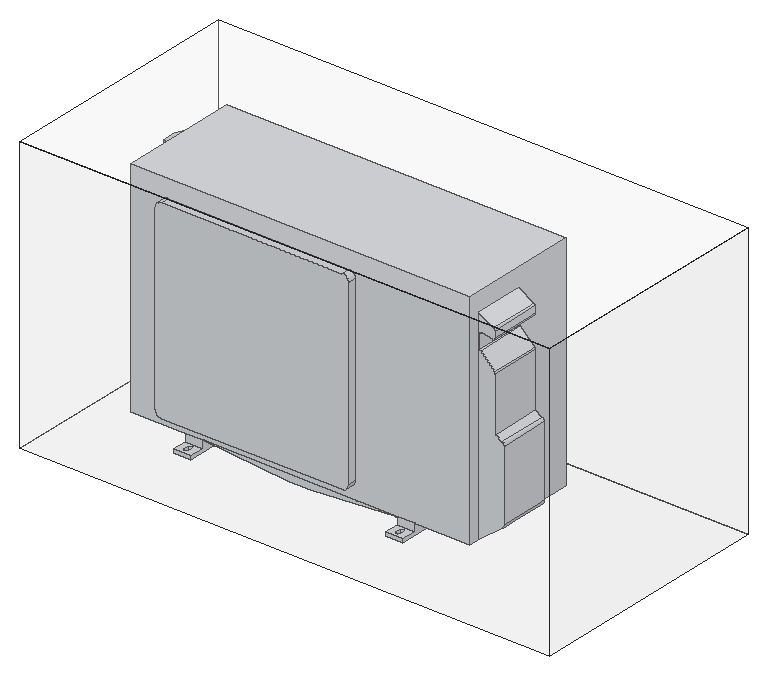
Revit family "mucz-g22_5624_50hz", category 機械設備, Revit 2019 (continued)
Definition of nested family "MUCZ-G40_56*S"
  Automatic sketch dimensions
    curve 389 to curve 398 = 0 mm
    curve 241 to curve 232 = 0 mm
    curve 249 to curve 241 = 0 mm
    curve 381 to curve 390 = 0 mm
    curve 257 to curve 248 = 0 mm
    curve 265 to curve 257 = 0 mm
    curve 369 to curve 382 = 0 mm
    curve 273 to curve 264 = 0 mm
    curve 365 to curve 370 = 0 mm
    curve 281 to curve 272 = 0 mm
    curve 289 to curve 280 = 0 mm
    curve 353 to curve 366 = 0 mm
    curve 297 to curve 289 = 0 mm
    curve 345 to curve 354 = 0 mm
    curve 305 to curve 296 = 0 mm
    curve 337 to curve 346 = 0 mm
    curve 313 to curve 304 = 0 mm
    curve 321 to curve 312 = 0 mm
    curve 329 to curve 321 = 0 mm
    curve 329 to curve 328 = 6 mm
    curve 322 to curve 323 = 6 mm
    curve 330 to curve 328 = 0 mm
    curve 320 to curve 322 = 0 mm
    curve 313 to curve 315 = 6 mm
    curve 337 to curve 335 = 6 mm
    curve 338 to curve 336 = 0 mm
    curve 312 to curve 314 = 0 mm
    curve 306 to curve 307 = 6 mm
    curve 345 to curve 343 = 6 mm
    curve 304 to curve 306 = 0 mm
    curve 297 to curve 299 = 6 mm
    curve 346 to curve 344 = 0 mm
    curve 353 to curve 351 = 6 mm
    curve 296 to curve 298 = 0 mm
    curve 290 to curve 291 = 6 mm
    curve 354 to curve 352 = 0 mm
    curve 288 to curve 290 = 0 mm
    curve 281 to curve 283 = 6 mm
    curve 359 to curve 351 = 0 mm  (x2)
    curve 365 to curve 363 = 6 mm
    curve 280 to curve 282 = 0 mm
    curve 273 to curve 275 = 6 mm
    curve 369 to curve 367 = 6 mm
    curve 272 to curve 274 = 0 mm
    curve 265 to curve 267 = 6 mm
    curve 370 to curve 368 = 0 mm
    curve 264 to curve 266 = 0 mm
    curve 258 to curve 259 = 6 mm
    curve 375 to curve 368 = 0 mm
    curve 381 to curve 379 = 6 mm
    curve 256 to curve 258 = 0 mm
    curve 249 to curve 251 = 6 mm
    curve 383 to curve 379 = 0 mm
    curve 248 to curve 250 = 0 mm
    curve 241 to curve 243 = 6 mm
    curve 389 to curve 387 = 6 mm
    curve 240 to curve 242 = 0 mm
    curve 233 to curve 235 = 6 mm
    curve 391 to curve 387 = 0 mm
    curve 397 to curve 395 = 6 mm
    curve 232 to curve 234 = 0 mm
    curve 229 to curve 230 = 6 mm
    curve 228 to curve 230 = 0 mm
    curve 310 to plane 1 "中心(正面/背面)" = 8.541 mm
    curve 224 to plane 1 "中心(正面/背面)" = 8.541 mm
    curve 226 to curve 224 = 0 mm
    curve 308 to curve 310 = 0 mm
    curve 311 to plane 1 "中心(正面/背面)" = 8.541 mm
    curve 395 to plane 1 "中心(正面/背面)" = 8.541 mm
    curve 339 to plane 1 "中心(正面/背面)" = 8.541 mm
    curve 302 to plane 1 "中心(正面/背面)" = 8.541 mm
    curve 342 to curve 340 = 0 mm
    curve 300 to curve 302 = 0 mm
    curve 343 to plane 1 "中心(正面/背面)" = 8.541 mm
    curve 392 to curve 394 = 0 mm
    curve 315 to curve 303 = 0 mm
    curve 231 to plane 1 "中心(正面/背面)" = 8.541 mm
    curve 235 to curve 226 = 0 mm
    curve 294 to plane 1 "中心(正面/背面)" = 8.541 mm
    curve 387 to curve 391 = 0 mm
    curve 347 to curve 342 = 0 mm
    curve 384 to curve 386 = 0 mm
    curve 292 to curve 294 = 0 mm
    curve 239 to plane 1 "中心(正面/背面)" = 8.541 mm
    curve 286 to plane 1 "中心(正面/背面)" = 8.541 mm
    curve 243 to curve 238 = 0 mm
    curve 284 to curve 286 = 0 mm
    curve 319 to plane 1 "中心(正面/背面)" = 8.541 mm
    curve 379 to curve 384 = 0 mm
    curve 278 to plane 1 "中心(正面/背面)" = 8.541 mm
    curve 351 to plane 1 "中心(正面/背面)" = 8.541 mm
    curve 276 to curve 278 = 0 mm
    curve 247 to plane 1 "中心(正面/背面)" = 8.541 mm
    curve 334 to plane 1 "中心(正面/背面)" = 8.541 mm
    curve 332 to curve 334 = 0 mm
    curve 376 to curve 378 = 0 mm
    curve 270 to plane 1 "中心(正面/背面)" = 8.541 mm
    curve 251 to curve 239 = 0 mm
    curve 268 to curve 270 = 0 mm
    curve 323 to curve 318 = 0 mm
    curve 374 to plane 1 "中心(正面/背面)" = 8.541 mm
    curve 355 to curve 350 = 0 mm
    curve 372 to curve 374 = 0 mm
    curve 255 to curve 268 = 0 mm
    curve 363 to curve 371 = 0 mm
    curve 259 to curve 247 = 0 mm
    curve 260 to curve 261 = 6 mm
    curve 360 to curve 361 = 6 mm
    curve 326 to curve 325 = 6 mm
    curve 358 to curve 357 = 6 mm
    curve 372 to curve 373 = 6 mm
    curve 254 to curve 253 = 6 mm
    curve 268 to curve 269 = 6 mm
    curve 376 to curve 377 = 6 mm
    curve 332 to curve 333 = 6 mm
    curve 276 to curve 277 = 6 mm
    curve 246 to curve 245 = 6 mm
    curve 284 to curve 285 = 6 mm
    curve 292 to curve 293 = 6 mm
    curve 350 to curve 349 = 6 mm
    curve 384 to curve 385 = 6 mm
    curve 238 to curve 237 = 6 mm
    curve 318 to curve 317 = 6 mm
    curve 392 to curve 393 = 6 mm
    curve 342 to curve 341 = 6 mm
    curve 300 to curve 301 = 6 mm
    curve 226 to curve 225 = 6 mm
    curve 308 to curve 309 = 6 mm
    curve 393 to curve 49 = 10 mm
    curve 225 to curve 221 = 10 mm
    curve 357 to curve 93 = 10 mm
    curve 316 to curve 133 = 10 mm
    curve 309 to curve 141 = 10 mm
    curve 302 to curve 149 = 10 mm
    curve 373 to curve 77 = 10 mm
    curve 293 to curve 157 = 10 mm
    curve 237 to curve 213 = 10 mm
    curve 349 to curve 101 = 10 mm
    curve 386 to curve 57 = 10 mm
    curve 325 to curve 125 = 10 mm
    curve 361 to curve 85 = 10 mm
    curve 245 to curve 205 = 10 mm
    curve 285 to curve 165 = 10 mm
    curve 377 to curve 69 = 10 mm
    curve 341 to curve 109 = 10 mm
    curve 277 to curve 173 = 10 mm
    curve 253 to curve 197 = 10 mm
    curve 269 to curve 181 = 10 mm
    curve 261 to curve 189 = 10 mm
    curve 333 to curve 117 = 10 mm
    curve 117 to curve 116 = 6 mm
    curve 189 to curve 190 = 6 mm
    curve 118 to curve 116 = 0 mm
    curve 188 to curve 190 = 0 mm
    curve 70 to curve 63 = 6 mm
    curve 181 to curve 182 = 6 mm
    curve 198 to curve 191 = 6 mm
    curve 195 to curve 183 = 0 mm
    curve 180 to curve 182 = 0 mm
    curve 57 to curve 59 = 6 mm
    curve 173 to curve 174 = 6 mm
    curve 125 to curve 119 = 6 mm
    curve 86 to curve 79 = 6 mm
    curve 172 to curve 174 = 0 mm
    curve 205 to curve 199 = 6 mm
    curve 109 to curve 110 = 6 mm
    curve 67 to curve 58 = 0 mm
    curve 108 to curve 110 = 0 mm
    curve 85 to curve 83 = 6 mm
    curve 165 to curve 166 = 6 mm
    curve 203 to curve 191 = 0 mm
    curve 164 to curve 166 = 0 mm
    curve 123 to curve 118 = 0 mm
    curve 56 to curve 58 = 0 mm
    curve 214 to curve 207 = 6 mm
    curve 71 to curve 83 = 0 mm
    curve 101 to curve 102 = 6 mm
    curve 211 to curve 199 = 0 mm
    curve 100 to curve 102 = 0 mm
    curve 157 to curve 158 = 6 mm
    curve 133 to curve 127 = 6 mm
    curve 156 to curve 158 = 0 mm
    curve 149 to curve 150 = 6 mm
    curve 76 to curve 78 = 0 mm
    curve 148 to curve 150 = 0 mm
    curve 51 to curve 55 = 0 mm
    curve 87 to curve 100 = 0 mm
    curve 131 to curve 126 = 0 mm
    curve 141 to curve 142 = 6 mm
    curve 140 to curve 142 = 0 mm
    curve 222 to curve 215 = 6 mm
    curve 219 to curve 207 = 0 mm
    curve 92 to curve 94 = 0 mm
    curve 48 to curve 50 = 0 mm
    plane 7 to curve 91 = 31.959 mm
    plane 7 to curve 135 = 31.959 mm
    curve 138 to curve 136 = 0 mm
    curve 88 to curve 90 = 0 mm
    curve 95 to curve 88 = 0 mm
    curve 143 to curve 136 = 0 mm
    curve 98 to curve 96 = 0 mm
    curve 103 to curve 95 = 0 mm
    curve 146 to curve 144 = 0 mm
    curve 106 to curve 104 = 0 mm
    curve 83 to curve 90 = 0 mm
    curve 111 to curve 104 = 0 mm
    plane 7 to curve 51 = 31.959 mm
    curve 114 to curve 112 = 0 mm
    curve 54 to curve 52 = 0 mm
    curve 151 to curve 144 = 0 mm
    curve 154 to curve 152 = 0 mm
    curve 80 to curve 82 = 0 mm
    curve 119 to curve 112 = 0 mm
    curve 122 to curve 120 = 0 mm
    curve 55 to curve 51 = 0 mm
    curve 127 to curve 138 = 0 mm
    curve 159 to curve 152 = 0 mm
    curve 130 to curve 128 = 0 mm
    curve 162 to curve 160 = 0 mm
    curve 75 to curve 83 = 0 mm
    plane 7 to curve 219 = 31.959 mm
    curve 167 to curve 159 = 0 mm
    curve 216 to curve 218 = 0 mm
    curve 170 to curve 168 = 0 mm
    curve 72 to curve 74 = 0 mm
    curve 211 to curve 219 = 0 mm
    curve 175 to curve 168 = 0 mm
    curve 178 to curve 176 = 0 mm
    curve 208 to curve 210 = 0 mm
    curve 203 to curve 211 = 0 mm
    curve 59 to curve 62 = 0 mm
    curve 200 to curve 202 = 0 mm
    curve 67 to curve 59 = 0 mm
    curve 195 to curve 202 = 0 mm
    curve 183 to curve 194 = 0 mm
    curve 192 to curve 194 = 0 mm
    curve 187 to curve 176 = 0 mm
    curve 63 to curve 74 = 0 mm
    curve 66 to curve 65 = 6 mm
    curve 184 to curve 185 = 6 mm
    curve 192 to curve 193 = 6 mm
    curve 62 to curve 61 = 6 mm
    curve 200 to curve 201 = 6 mm
    curve 178 to curve 177 = 6 mm
    curve 208 to curve 209 = 6 mm
    curve 72 to curve 73 = 6 mm
    curve 170 to curve 169 = 6 mm
    curve 216 to curve 217 = 6 mm
    curve 162 to curve 161 = 6 mm
    curve 130 to curve 129 = 6 mm
    curve 122 to curve 121 = 6 mm
    curve 154 to curve 153 = 6 mm
    curve 80 to curve 81 = 6 mm
    curve 54 to curve 53 = 6 mm
    curve 114 to curve 113 = 6 mm
    curve 106 to curve 105 = 6 mm
    curve 146 to curve 145 = 6 mm
    curve 98 to curve 97 = 6 mm
    curve 138 to curve 137 = 6 mm
    curve 88 to curve 89 = 6 mm
    level to curve 223 = 54 mm
    level to curve 215 = 54 mm
    curve 229 to curve 229 = 3 mm
    curve 221 to curve 221 = 3 mm
    curve 219 to curve 207 = 6 mm
    curve 226 to curve 235 = 6 mm
    curve 236 to curve 237 = 3 mm
    curve 209 to curve 209 = 3 mm
    curve 231 to curve 243 = 6 mm
    curve 211 to curve 199 = 6 mm
    curve 200 to curve 201 = 3 mm
    curve 244 to curve 245 = 3 mm
    curve 239 to curve 251 = 6 mm
    curve 202 to curve 191 = 6 mm
    curve 198 to curve 196 = 3 mm
    curve 252 to curve 254 = 3 mm
    curve 194 to curve 183 = 6 mm
    curve 247 to curve 259 = 6 mm
    curve 257 to curve 257 = 3 mm
    curve 190 to curve 188 = 3 mm
    curve 255 to curve 267 = 6 mm
    curve 186 to curve 175 = 6 mm
    curve 265 to curve 265 = 3 mm
    curve 176 to curve 178 = 3 mm
    curve 270 to curve 275 = 6 mm
    curve 179 to curve 167 = 6 mm
    curve 168 to curve 169 = 3 mm
    curve 276 to curve 278 = 3 mm
    curve 170 to curve 159 = 6 mm
    curve 278 to curve 283 = 6 mm
    curve 281 to curve 281 = 3 mm
    curve 165 to curve 165 = 3 mm
    curve 162 to curve 151 = 6 mm
    curve 280 to curve 291 = 6 mm
    curve 158 to curve 156 = 3 mm
    curve 289 to curve 289 = 3 mm
    curve 156 to curve 143 = 6 mm
    curve 287 to curve 299 = 6 mm
    curve 150 to curve 148 = 3 mm
    curve 297 to curve 297 = 3 mm
    curve 302 to curve 307 = 6 mm
    curve 147 to curve 135 = 6 mm
    curve 305 to curve 305 = 3 mm
    curve 141 to curve 141 = 3 mm
    curve 138 to curve 127 = 6 mm
    curve 304 to curve 315 = 6 mm
    curve 314 to curve 313 = 3 mm
    curve 129 to curve 129 = 3 mm
    curve 312 to curve 323 = 6 mm
    curve 130 to curve 119 = 6 mm
    curve 120 to curve 122 = 3 mm
    curve 322 to curve 320 = 3 mm
    curve 124 to curve 111 = 6 mm
    curve 319 to curve 331 = 6 mm
    curve 329 to curve 329 = 3 mm
    curve 113 to curve 113 = 3 mm
    curve 115 to curve 103 = 6 mm
    curve 328 to curve 339 = 6 mm
    curve 104 to curve 105 = 3 mm
    curve 340 to curve 341 = 3 mm
    curve 342 to curve 347 = 6 mm
    curve 106 to curve 95 = 6 mm
    curve 96 to curve 97 = 3 mm
    curve 346 to curve 344 = 3 mm
    curve 350 to curve 355 = 6 mm
    curve 98 to curve 87 = 6 mm
    curve 94 to curve 92 = 3 mm
    curve 357 to curve 357 = 3 mm
    curve 90 to curve 79 = 6 mm
    curve 351 to curve 359 = 6 mm
    curve 85 to curve 85 = 3 mm
    curve 366 to curve 364 = 3 mm
    curve 83 to curve 71 = 6 mm
    curve 364 to curve 371 = 6 mm
    curve 77 to curve 77 = 3 mm
    curve 372 to curve 373 = 3 mm
    curve 75 to curve 63 = 6 mm
    curve 368 to curve 375 = 6 mm
    curve 69 to curve 69 = 3 mm
    curve 376 to curve 378 = 3 mm
    curve 378 to curve 383 = 6 mm
    curve 66 to curve 59 = 6 mm
    curve 58 to curve 56 = 3 mm
    curve 389 to curve 389 = 3 mm
    curve 55 to curve 51 = 6 mm
    curve 387 to curve 391 = 6 mm
    curve 50 to curve 48 = 3 mm
    curve 397 to curve 397 = 3 mm
    plane 10 to Extrusion 5 sketch curve = 0 mm  (x2)
    Extrusion 5 sketch curve to plane 8 = 0.041 mm  (x2)
    Extrusion 5 sketch curve to plane 6 = 129.999 mm
    Extrusion 5 sketch curve to plane 7 = 0.041 mm
    Extrusion 5 sketch curve to plane 6 = 130 mm
    plane 12 to Extrusion 5 sketch curve = 5.5 mm
    Extrusion 5 sketch curve to Extrusion 5 sketch curve = 15 mm  (x6)
    Extrusion 5 sketch curve to Extrusion 5 sketch curve = 5 mm  (x2)
    Extrusion 5 sketch curve to plane 11 = 0.5 mm  (x2)
    plane 9 to Extrusion 5 sketch curve = 20.001 mm  (x2)
    plane 10 to Extrusion 5 sketch curve = 0.017 mm  (x2)
    plane 9 to Extrusion 5 sketch curve = 5.099 mm
    plane 9 to Extrusion 5 sketch curve = 5.001 mm
    plane 9 to Extrusion 5 sketch curve = 0.05 mm
    plane 9 to Extrusion 5 sketch curve = 0.001 mm
    Extrusion 5 sketch curve to plane 7 = 0.023 mm
    Extrusion 5 sketch curve to plane 7 = 7.541 mm  (x2)
    Extrusion 5 sketch curve to plane 12 = 5.5 mm
    Extrusion 5 sketch curve to plane 12 = 5.444 mm
    plane 12 to Extrusion 5 sketch curve = 5.457 mm
    plane 5 to Extrusion 6 sketch curve = 74.5 mm
    Extrusion 6 sketch curve to Extrusion 6 sketch curve = 15 mm  (x3)
    plane 3 "中心(左/右)" to Extrusion 6 sketch curve = 115.5 mm  (x2)
    level to Extrusion 6 sketch curve = 52 mm
    Extrusion 6 sketch curve to plane 4 "TOP" = 57 mm
    curve 5 to Extrusion 6 = 0.044 mm
    Extrusion 6 to curve 26 = 0 mm  (x2)
    curve 8 to Extrusion 6 = 0.044 mm
    curve 6 to Extrusion 6 = 0.044 mm
    curve 7 to Extrusion 6 = 0.044 mm
    curve 399 to Extrusion 6 = 0.044 mm
    curve 9 to Extrusion 6 = 3 mm  (x2)
    curve 9 to Extrusion 6 = 6.044 mm
    Extrusion 6 to curve 10 = 0 mm  (x2)
    curve 9 to curve 10 = 12 mm
    Extrusion 6 to curve 11 = 0 mm  (x2)
    curve 10 to curve 11 = 12 mm
    Extrusion 6 to curve 12 = 0 mm  (x2)
    curve 11 to curve 12 = 12 mm
    Extrusion 6 to curve 13 = 0 mm  (x2)
    curve 12 to curve 13 = 12 mm
    Extrusion 6 to curve 14 = 0 mm  (x2)
    curve 13 to curve 14 = 12 mm
    Extrusion 6 to curve 15 = 0 mm  (x2)
    curve 14 to curve 15 = 11.893 mm
    Extrusion 6 to curve 16 = 0 mm  (x2)
    curve 15 to curve 16 = 12.107 mm
    Extrusion 6 to curve 17 = 0 mm  (x2)
    curve 16 to curve 17 = 12 mm
    Extrusion 6 to curve 18 = 0 mm  (x2)
    curve 17 to curve 18 = 12 mm
    Extrusion 6 to curve 19 = 0 mm  (x2)
    curve 18 to curve 19 = 12 mm
    Extrusion 6 to curve 20 = 0 mm  (x2)
    curve 19 to curve 20 = 12 mm
    Extrusion 6 to curve 21 = 0 mm  (x2)
    curve 20 to curve 21 = 12 mm
    Extrusion 6 to curve 22 = 0 mm  (x2)
    curve 21 to curve 22 = 11.893 mm
    Extrusion 6 to curve 23 = 0 mm  (x2)
    curve 22 to curve 23 = 12.107 mm
    Extrusion 6 to curve 24 = 0 mm  (x2)
    curve 23 to curve 24 = 12 mm
    Extrusion 6 to curve 25 = 0 mm  (x2)
    curve 24 to curve 25 = 12 mm
    curve 25 to curve 26 = 12 mm
    Extrusion 6 to curve 27 = 0 mm  (x2)
    curve 26 to curve 27 = 12 mm
    Extrusion 6 to curve 28 = 0 mm  (x2)
    curve 27 to curve 28 = 12 mm
    Extrusion 6 to curve 29 = 0 mm  (x2)
    curve 28 to curve 29 = 11.893 mm
    Extrusion 6 to curve 30 = 0 mm  (x2)
    curve 29 to curve 30 = 12.107 mm
    Extrusion 6 to curve 31 = 0 mm  (x2)
    curve 30 to curve 31 = 12 mm
    Extrusion 6 to curve 32 = 0 mm  (x2)
    curve 31 to curve 32 = 12 mm
    Extrusion 6 to curve 33 = 0 mm  (x2)
    curve 32 to curve 33 = 12 mm
    Extrusion 6 to curve 34 = 0 mm  (x2)
    curve 33 to curve 34 = 12 mm
    Extrusion 6 to curve 35 = 0 mm  (x2)
    curve 34 to curve 35 = 12 mm
    Extrusion 6 to curve 36 = 0 mm  (x2)
    curve 35 to curve 36 = 11.893 mm
    Extrusion 6 to curve 37 = 0 mm  (x2)
    curve 36 to curve 37 = 12.107 mm
    Extrusion 6 to curve 38 = 0 mm  (x2)
    curve 37 to curve 38 = 12 mm
    Extrusion 6 to curve 39 = 0 mm  (x2)
    curve 38 to curve 39 = 12 mm
    Extrusion 6 to curve 40 = 0 mm  (x2)
    curve 39 to curve 40 = 12 mm
    Extrusion 6 to curve 41 = 0 mm  (x2)
    curve 40 to curve 41 = 12 mm
    Extrusion 6 to curve 42 = 0 mm  (x2)
    curve 41 to curve 42 = 11.893 mm
    Extrusion 6 to curve 43 = 0 mm  (x2)
    curve 42 to curve 43 = 12.107 mm
    Extrusion 6 to curve 44 = 0 mm  (x2)
    curve 43 to curve 44 = 12 mm
    Extrusion 6 to curve 45 = 0 mm  (x2)
    curve 44 to curve 45 = 12 mm
    curve 46 to Extrusion 6 = 5.956 mm
    Extrusion 6 to curve 7 = 0.044 mm
    Extrusion 6 to curve 6 = 0.044 mm
    Extrusion 6 to curve 8 = 0.044 mm
    Extrusion 6 to curve 399 = 0.044 mm
    Extrusion 6 to curve 5 = 0.044 mm
    curve 46 to Extrusion 6 = 3 mm  (x2)
    curve 46 to curve 399 = 15 mm
    curve 399 to curve 8 = 94 mm
    curve 8 to curve 7 = 94 mm
    curve 7 to curve 6 = 94 mm
    curve 5 to Extrusion 6 = 62 mm
    plane 8 to Masking region 1 sketch curve = 0 mm
    Masking region 1 sketch curve to plane 5 = 0 mm
    plane 5 to Extrusion 7 sketch curve = 40 mm
    Extrusion 7 sketch curve to plane 6 = 80 mm
    Extrusion 7 sketch curve to plane 4 "TOP" = 25 mm
    level to Extrusion 7 sketch curve = 45 mm
    level to Extrusion 7 sketch curve = 26 mm
    Extrusion 6 to Extrusion 8 sketch curve = 26 mm
    Extrusion 8 sketch curve to Extrusion 6 = 95.5 mm
    Extrusion 6 to Extrusion 8 sketch curve = 42 mm
    Extrusion 8 sketch curve to Extrusion 6 = 155.531 mm
    Extrusion 8 sketch curve to Extrusion 8 sketch curve = 50 mm
    Extrusion 6 to Extrusion 8 sketch curve = 99.5 mm
    Extrusion 9 sketch curve to plane 3 "中心(左/右)" = 0 mm
    plane 7 to Extrusion 9 sketch curve = 43.959 mm
    Extrusion 10 sketch curve to Extrusion 6 = 0 mm
    Extrusion 6 to Extrusion 10 sketch curve = 7 mm
    Extrusion 6 to Extrusion 10 sketch curve = 34.5 mm
    Extrusion 6 to Extrusion 10 sketch curve = 24.5 mm
    Extrusion 10 sketch curve to Extrusion 10 sketch curve = 10 mm  (x2)
    Extrusion 10 sketch curve to Extrusion 10 sketch curve = 0 mm  (x4)
    Extrusion 10 sketch curve to Extrusion 6 = 45.532 mm  (x2)
    Extrusion 6 to Extrusion 10 sketch curve = 8 mm
    Extrusion 10 sketch curve to Extrusion 6 = 106 mm
    Extrusion 10 sketch curve to Extrusion 10 sketch curve = 14 mm  (x2)
    Extrusion 10 sketch curve to Extrusion 10 sketch curve = 106 mm  (x2)
    Extrusion 10 sketch curve to Extrusion 10 sketch curve = 12 mm
    Extrusion 10 sketch curve to Extrusion 10 sketch curve = 9 mm
    plane 1 "中心(正面/背面)" to Sweep 11 sketch curve = 27.959 mm
    level to Sweep 11 sketch curve = 164.5 mm
    plane 1 "中心(正面/背面)" to Sweep 11 sketch curve = 5.924 mm
    Sweep 11 sketch curve to Sweep 11 sketch curve = 15.429 mm
    Sweep 11 sketch curve to profile plane = 0 mm  (x2)
    plane 1 "中心(正面/背面)" to Sweep 12 sketch curve = 27.959 mm
    level to Sweep 12 sketch curve = 99.5 mm
    plane 1 "中心(正面/背面)" to Sweep 12 sketch curve = 8.213 mm
    Sweep 12 sketch curve to Sweep 12 sketch curve = 18.414 mm
    Sweep 12 sketch curve to profile plane = 0 mm  (x2)
    plane 7 to curve 2 = 0 mm
    plane 8 to curve 3 = 0 mm
    Masking region 1 sketch curve to plane 6 = 0 mm
    radius of Extrusion 9 sketch curve = 21 mm
    radius of Sweep 11 sketch curve = 6.35 mm
    radius of Sweep 12 sketch curve = 9.52 mm
  Nested families
    nested 1: "固定点" at (-250, -159.959, 0), type "固定点", detail levels fine
      with D 310 mm
  Definition of nested family "固定点"
    Parameters (values of type "固定点")
      中心円 = if(W > 599 mm, 12 mm, 10 mm)  # 10 mm
      W = 500 mm
      D = 300 mm
    Reference planes
      plane 1 "中心(正面/背面)": y = 0
      plane 2: z = 0
      plane 3 "中心(左/右)": x = 0
      plane 4: x = 500
      plane 5: y = 300
    Lines and regions (mm)
      symbolic lines, detail levels fine
        curve 1: circle (0, 300, 0) r 5 normal (0, 0, 1)
        curve 2: circle (0, 0, 0) r 5 normal (0, 0, 1)
        curve 3: circle (500, 300, 0) r 5 normal (0, 0, 1)
        curve 4: circle (500, 0, 0) r 5 normal (0, 0, 1)
        curve 5: line (-200, 300, 0) -> (700, 300, 0)
        curve 6: line (-200, 0, 0) -> (700, 0, 0)
        curve 7: line (0, 500, 0) -> (0, -200, 0)
        curve 8: line (500, 500, 0) -> (500, -200, 0)
    Dimensions and locks
      "W": plane 3 "中心(左/右)" to plane 4
      "D": plane 1 "中心(正面/背面)" to plane 5
      "中心円": diameter of curve 1
      "中心円": diameter of curve 2
      "中心円": diameter of curve 3
      "中心円": diameter of curve 4
      aligned and locked: level to plane 2
      aligned and locked: plane 5 to curve 1
      aligned and locked: plane 3 "中心(左/右)" to curve 1
      aligned and locked: plane 3 "中心(左/右)" to curve 2
      aligned and locked: plane 1 "中心(正面/背面)" to curve 2
      aligned and locked: plane 4 to curve 3
      aligned and locked: plane 5 to curve 3
      aligned and locked: plane 1 "中心(正面/背面)" to curve 4
      aligned and locked: plane 4 to curve 4
      aligned and locked: plane 1 "中心(正面/背面)" to curve 6
      aligned and locked: curve 7 to plane 3 "中心(左/右)"
      aligned and locked: curve 8 to plane 4
    Automatic sketch dimensions
      curve 5 to plane 5 = 0 mm
      curve 6 to plane 3 "中心(左/右)" = 200 mm
      curve 5 to plane 3 "中心(左/右)" = 200 mm
      curve 4 to curve 6 = 200 mm
      curve 3 to curve 5 = 200 mm
      plane 1 "中心(正面/背面)" to curve 8 = 200 mm
      plane 1 "中心(正面/背面)" to curve 7 = 200 mm
      curve 3 to curve 8 = 200 mm
      curve 1 to curve 7 = 200 mm
Types (19, lengths in mm): name | 風量 | 音響パワーレベル(dB) | 電圧 | 電動機出力_送風機 | 電動機出力_圧縮機 | 運転音(強暖房)  db | 運転音(強冷房)  db | 質量 | 製品質量 | 暖房能力 | 暖房 風量 | 形名 | 冷房 風量 | 冷媒　位置Z | 冷媒　位置Y | 冷媒　位置X | 冷房能力 | モデル | ドレン穴径 | ドレン　位置Z | ドレン　位置Y | Width | MAX風量 | Height | Depth | Clearance Front | COP_暖房 | COP_冷房 | COP
  (no name) | 2280.0 m³/h | 64 | 200 V | 50 W | 1100 W | 64 | 61 | 33.60 kg | 28.00 kg | 5 kW | 2280.0 m³/h | MUCZ-G40_56*S : MUCZ-G40_56*S | 2280.0 m³/h | 132.5 | 171 | 429 | 4 kW | "MUCZ-G4024S" | 42.00 | 45 | 44 | 800 | 2280.0 m³/h | 550 | 285 | 200 | 3.38 | 2.41 | 2.895
  室外機_MUCZ-G2224 | 1370.0 m³/h | 59 | 100 V | 22 W | 600 W | 59 | 59 | 22.80 kg | 19.00 kg | 2.2 kW | 1265.0 m³/h | MUCZ-G22* : MUCZ-G22* | 1370.0 m³/h | 128.5 | 136 | 361.5 | 2.2 kW | "MUCZ-G2224" | 42.00 | 23.5 | 44 | 679 | 1370.0 m³/h | 453 | 249 | 100 | 4.68 | 3.36 | 4.02
  室外機_MUCZ-G2524 | 1690.0 m³/h | 61 | 100 V | 22 W | 650 W | 60 | 61 | 22.80 kg | 19.00 kg | 2.8 kW | 1490.0 m³/h | MUCZ-G25_28* : MUCZ-G25_28* | 1690.0 m³/h | 128.5 | 136 | 361.5 | 2.5 kW | "MUCZ-G2524" | 42.00 | 23.5 | 44 | 679 | 1690.0 m³/h | 453 | 249 | 100 | 4.48 | 3.36 | 3.92
  室外機_MUCZ-G2824 | 1710.0 m³/h | 65 | 100 V | 22 W | 750 W | 65 | 62 | 24.00 kg | 20.00 kg | 3.6 kW | 1600.0 m³/h | MUCZ-G25_28* : MUCZ-G25_28* | 1710.0 m³/h | 128.5 | 136 | 361.5 | 2.8 kW | "MUCZ-G2824" | 42.00 | 23.5 | 44 | 679 | 1710.0 m³/h | 453 | 249 | 100 | 3.96 | 3.5 | 3.73
  室外機_MUCZ-G3624 | 2110.0 m³/h | 64 | 100 V | 22 W | 950 W | 64 | 61 | 27.60 kg | 23.00 kg | 4.2 kW | 2015.0 m³/h | MUCZ-G36* : MUCZ-G36* | 2110.0 m³/h | 130.5 | 121 | 371.5 | 3.6 kW | "MUCZ-G3624" | 33.00 | 23.5 | 42 | 699 | 2110.0 m³/h | 538 | 249 | 100 | 3.46 | 2.54 | 3
  室外機_MUCZ-G4024S | 2280.0 m³/h | 64 | 200 V | 50 W | 1100 W | 64 | 61 | 33.60 kg | 28.00 kg | 5 kW | 2280.0 m³/h | MUCZ-G40_56*S : MUCZ-G40_56*S | 2280.0 m³/h | 132.5 | 171 | 429 | 4 kW | "MUCZ-G4024S" | 42.00 | 45 | 44 | 800 | 2280.0 m³/h | 550 | 285 | 200 | 3.38 | 2.41 | 2.895
  室外機_MUCZ-G5624S | 2040.0 m³/h | 68 | 200 V | 50 W | 1500 W | 68 | 65 | 40.80 kg | 34.00 kg | 6.7 kW | 2135.0 m³/h | MUCZ-G40_56*S : MUCZ-G40_56*S | 2040.0 m³/h | 132.5 | 171 | 429 | 5.6 kW | "MUCZ-G5624S" | 42.00 | 45 | 44 | 800 | 2040.0 m³/h | 550 | 285 | 200 | 3.38 | 2.35 | 2.865
  室外機_MUCZ-G2224E | 1370.0 m³/h | 59 | 100 V | 22 W | 600 W | 59 | 59 | 22.80 kg | 19.00 kg | 2.2 kW | 1265.0 m³/h | MUCZ-G22* : MUCZ-G22* | 1370.0 m³/h | 128.5 | 136 | 361.5 | 2.2 kW | "MUCZ-G2224E" | 42.00 | 23.5 | 44 | 679 | 1370.0 m³/h | 453 | 249 | 100 | 4.68 | 3.36 | 4.02
  室外機_MUCZ-G2224EE | 1370.0 m³/h | 59 | 100 V | 22 W | 600 W | 59 | 59 | 22.80 kg | 19.00 kg | 2.2 kW | 1265.0 m³/h | MUCZ-G22* : MUCZ-G22* | 1370.0 m³/h | 128.5 | 136 | 361.5 | 2.2 kW | "MUCZ-G2224EE" | 42.00 | 23.5 | 44 | 679 | 1370.0 m³/h | 453 | 249 | 100 | 4.68 | 3.36 | 4.02
  室外機_MUCZ-G2524E | 1690.0 m³/h | 61 | 100 V | 22 W | 650 W | 60 | 61 | 22.80 kg | 19.00 kg | 2.8 kW | 1490.0 m³/h | MUCZ-G25_28* : MUCZ-G25_28* | 1690.0 m³/h | 128.5 | 136 | 361.5 | 2.5 kW | "MUCZ-G2524E" | 42.00 | 23.5 | 44 | 679 | 1690.0 m³/h | 453 | 249 | 100 | 4.48 | 3.36 | 3.92
  室外機_MUCZ-G2524EE | 1690.0 m³/h | 61 | 100 V | 22 W | 650 W | 60 | 61 | 22.80 kg | 19.00 kg | 2.8 kW | 1490.0 m³/h | MUCZ-G25_28* : MUCZ-G25_28* | 1690.0 m³/h | 128.5 | 136 | 361.5 | 2.5 kW | "MUCZ-G2524EE" | 42.00 | 23.5 | 44 | 679 | 1690.0 m³/h | 453 | 249 | 100 | 4.48 | 3.36 | 3.92
  室外機_MUCZ-G2824E | 1710.0 m³/h | 65 | 100 V | 22 W | 750 W | 65 | 62 | 24.00 kg | 20.00 kg | 3.6 kW | 1600.0 m³/h | MUCZ-G25_28* : MUCZ-G25_28* | 1710.0 m³/h | 128.5 | 136 | 361.5 | 2.8 kW | "MUCZ-G2824E" | 42.00 | 23.5 | 44 | 679 | 1710.0 m³/h | 453 | 249 | 100 | 3.96 | 3.5 | 3.73
  室外機_MUCZ-G2824EE | 1710.0 m³/h | 65 | 100 V | 22 W | 750 W | 65 | 62 | 24.00 kg | 20.00 kg | 3.6 kW | 1600.0 m³/h | MUCZ-G25_28* : MUCZ-G25_28* | 1710.0 m³/h | 128.5 | 136 | 361.5 | 2.8 kW | "MUCZ-G2824EE" | 42.00 | 23.5 | 44 | 679 | 1710.0 m³/h | 453 | 249 | 100 | 3.96 | 3.5 | 3.73
  室外機_MUCZ-G3624E | 2110.0 m³/h | 64 | 100 V | 22 W | 950 W | 64 | 61 | 27.60 kg | 23.00 kg | 4.2 kW | 2015.0 m³/h | MUCZ-G36* : MUCZ-G36* | 2110.0 m³/h | 130.5 | 121 | 371.5 | 3.6 kW | "MUCZ-G3624E" | 33.00 | 23.5 | 42 | 699 | 2110.0 m³/h | 538 | 249 | 100 | 3.46 | 2.54 | 3
  室外機_MUCZ-G3624EE | 2110.0 m³/h | 64 | 100 V | 22 W | 950 W | 64 | 61 | 27.60 kg | 23.00 kg | 4.2 kW | 2015.0 m³/h | MUCZ-G36* : MUCZ-G36* | 2110.0 m³/h | 130.5 | 121 | 371.5 | 3.6 kW | "MUCZ-G3624EE" | 33.00 | 23.5 | 42 | 699 | 2110.0 m³/h | 538 | 249 | 100 | 3.46 | 2.54 | 3
  室外機_MUCZ-G4024SE | 2280.0 m³/h | 64 | 200 V | 50 W | 1100 W | 64 | 61 | 33.60 kg | 28.00 kg | 5 kW | 2280.0 m³/h | MUCZ-G40_56*S : MUCZ-G40_56*S | 2280.0 m³/h | 132.5 | 171 | 429 | 4 kW | "MUCZ-G4024SE" | 42.00 | 45 | 44 | 800 | 2280.0 m³/h | 550 | 285 | 200 | 3.38 | 2.41 | 2.895
  室外機_MUCZ-G4024SEE | 2280.0 m³/h | 64 | 200 V | 50 W | 1100 W | 64 | 61 | 33.60 kg | 28.00 kg | 5 kW | 2280.0 m³/h | MUCZ-G40_56*S : MUCZ-G40_56*S | 2280.0 m³/h | 132.5 | 171 | 429 | 4 kW | "MUCZ-G4024SEE" | 42.00 | 45 | 44 | 800 | 2280.0 m³/h | 550 | 285 | 200 | 3.38 | 2.41 | 2.895
  室外機_MUCZ-G5624SE | 2040.0 m³/h | 68 | 200 V | 50 W | 1500 W | 68 | 65 | 40.80 kg | 34.00 kg | 6.7 kW | 2135.0 m³/h | MUCZ-G40_56*S : MUCZ-G40_56*S | 2040.0 m³/h | 132.5 | 171 | 429 | 5.6 kW | "MUCZ-G5624SE" | 42.00 | 45 | 44 | 800 | 2040.0 m³/h | 550 | 285 | 200 | 3.38 | 2.35 | 2.865
  室外機_MUCZ-G5624SEE | 2040.0 m³/h | 68 | 200 V | 50 W | 1500 W | 68 | 65 | 40.80 kg | 34.00 kg | 6.7 kW | 2135.0 m³/h | MUCZ-G40_56*S : MUCZ-G40_56*S | 2040.0 m³/h | 132.5 | 171 | 429 | 5.6 kW | "MUCZ-G5624SEE" | 42.00 | 45 | 44 | 800 | 2040.0 m³/h | 550 | 285 | 200 | 3.38 | 2.35 | 2.865
